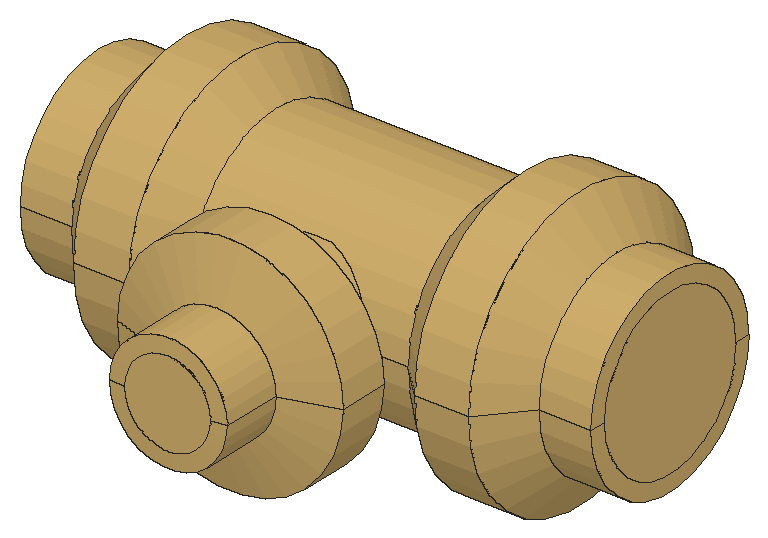
Revit family "Plumbing_Joints_Aignep_Female-Fitting-For-Our-Outlet-90236-80-110-168", category Pipe Fittings, Revit 2018
Family settings
  Round Connector Dimension = Use Diameter
  Part Type = Tee
  OmniClass Number = 23.27.43.00
  Work Plane-Based = No
  Always vertical = Yes
  Cut with Voids When Loaded = No
  Shared = No
Parameters (values of type "90236-80-110-168")
  R1 [instance] = Nominal Diameter 01 * 0.5  # 40.000 mm
  Product Material = AIGNEP - Brass - Yellow
  Product Guid = "93651291-55f2-46b7-8ae3-4bc741bdf95b"
  Material secondary = ""
  FD [instance] = Nominal Diameter 02 * 1.25  # 63.500 mm
  DFE [instance] = 0.6 * E  # 87.000 mm
  B/2 [instance] = B / 2  # 45.500 mm
  Tick Size 02 [instance] = Nominal Diameter 02 * 0.95  # 48.260 mm
  QR code = "https://www.bimobject.com/aignep/product/female-fitting-for-our-outlet-90236-80-110-168"
  Product url = "https://www.aignep.com/eng/Pipe-fittings-INFINITY/Air-Pipeline-INFINITY-Series/FEMALE-FITTING-FOR-OUTLET4"
  Product name = "Female Fitting For Outlet - 90236"
  Product group = "Fittings"
  Product family = "INFINITY"
  Product certification = "https://www.aignep.com/eng/Certificazioni/FREE-OF-SILICON"
  Product SKU = "Female-Fitting-For-Our-Outlet-90236-80-110-168"
  OmniClass Description = "Pipe Fittings"
  OmniClass Code = "23-27 43 00"
  Nominal Diameter 02 [instance] = 50.800 mm
  Nominal Diameter 01 [instance] = 80.000 mm
  Material main = "Aluminium"
  Manufacturer name = "Aignep Spa"
  Manufacturer country = "Italy"
  L2 [instance] = size_lookup(Lookup Table Name, "L2", 0.000 mm, Nominal Diameter 01, Nominal Diameter 02)  # 138.000 mm
  L1 [instance] = size_lookup(Lookup Table Name, "L1", 0.000 mm, Nominal Diameter 01, Nominal Diameter 02)  # 291.500 mm
  IFC Classification = "Pipe Fitting"
  Design country = "Italy"
  Description = "Female fitting for our outlet"  # constant formula
  CH1 [instance] = size_lookup(Lookup Table Name, "CH1", 0.000 mm, Nominal Diameter 01, Nominal Diameter 02)  # 80.000 mm
  CH [instance] = size_lookup(Lookup Table Name, "CH", 0.000 mm, Nominal Diameter 01, Nominal Diameter 02)  # 6.000 mm
  A [instance] = size_lookup(Lookup Table Name, "A", 0.000 mm, Nominal Diameter 01, Nominal Diameter 02)  # 22.000 mm
  URL = "https://www.aignep.com/"
  Tick Size 01 [instance] = Nominal Diameter 01 * 0.8  # 64.000 mm
  Product data url = "https://www.bimobject.com/aignep/product/female-fitting-for-our-outlet-90236-80-110-168"
  Model = "90236-80-110-168"  # constant formula
  Manufacturer = "Aignep Spa"  # constant formula
  Lookup Table Name = "Tee - 90236-Ø-80-110-168"  # constant formula
  Keynote = "15410"
  Edition number = 1
  C [instance] = size_lookup(Lookup Table Name, "C", 0.000 mm, Nominal Diameter 01, Nominal Diameter 02)  # 109.000 mm
  E [instance] = size_lookup(Lookup Table Name, "E", 0.000 mm, Nominal Diameter 01, Nominal Diameter 02)  # 145.000 mm
  BIMobject category = "Joints"
  B [instance] = size_lookup(Lookup Table Name, "B", 0.000 mm, Nominal Diameter 01, Nominal Diameter 02)  # 91.000 mm
  Assembly Code = "D2040100"
  Article Code [instance] = size_lookup(Lookup Table Name, "", "", Nominal Diameter 01, Nominal Diameter 02)  # "90236 00 012"
Reference planes
  plane 1 "Center (Front/Back)": y = 0
  plane 2: z = 0
  plane 3 "Center (Left/Right)": x = 0
  plane 4: x = -54.5
  plane 5: x = 54.5
  plane 6: y = -138
  plane 7: x = 145.5
  plane 8: x = -146
  plane 9: y = -116
  plane 10: y = 72.5
  plane 11: y = -72.5
  plane 12: x = -43.5
  plane 13: x = 43.5
  plane 14: z = -72.5
  plane 15: z = 72.5
  plane 16: x = -72.5
  plane 17: x = 72.5
Forms (mm)
  Sweep 1, solid, not visible, detail levels coarse
    path in 3D
      loop
        line (-54.5, 0, 0) -> (54.5, 0, 0)
    profile origin (0, 0, 0) x (0, 1, 0) y (0, 0, 1)
      loop
        circle (0, 0) r 40
  Sweep 2, solid, not visible, detail levels coarse
    path in 3D
      loop
        line (0, 0, 0) -> (0, -116, 0)
    profile origin (0, -58, 0) x (1, 0, 0) y (0, 0, 1)
      loop
        circle (0, 0) r 25.4
  Sweep 3, solid, material "AIGNEP - Brass - Yellow" <- "Product Material", detail levels fine
    path origin (-32.5, 55.314, 1200) x (0, 1, 0) y (0, 0, 1)
      loop
        circle (-55.314, -1200) r 40
    profile origin (-32.5, 0, 40) x (0, 0, -1) y (1, 0, 0)
      loop
        line (-32.5, -68) -> (-10, -86.953) -> (-10, -113.003) -> (-1.75, -113.5) -> (0, -113.5) -> (0, 72.55) -> (0, 178) -> (-1.75, 178) -> (-10, 177.645) -> (-10, 150.823) -> (-31.75, 132.5) -> (-31.75, 105) -> (-15, 88.25) -> (-15, -22.5) -> (-32.5, -40) -> (-32.5, -68)
  Sweep 4, solid, material "AIGNEP - Brass - Yellow" <- "Product Material", detail levels fine
    path origin (0, 0, 0) x (1, 0, 0) y (0, 1, 0)
      loop
        line (-146, 0) -> (145.5, 0)
    profile origin (-0.25, 0, 0) x (0, 1, 0) y (0, 0, 1)
      loop
        circle (0, 0) r 40
  Sweep 5, solid, material "AIGNEP - Brass - Yellow" <- "Product Material", detail levels fine
    path origin (0, 0, 0) x (1, 0, 0) y (0, 1, 0)
      loop
        line (0, 0) -> (0, -138)
    profile origin (0, -69, 0) x (1, 0, 0) y (0, 0, 1)
      loop
        circle (0, 0) r 20
  Sweep 6, solid, material "AIGNEP - Brass - Yellow" <- "Product Material", detail levels fine
    path origin (0, 0, 0) x (1, 0, 0) y (0, 0, 1)
      loop
        circle (0, 0) r 20
    profile origin (0, 0, 20) x (0, 0, -1) y (0, -1, 0)
      loop
        line (0, 0) -> (0, 138) -> (-1.75, 138) -> (-10, 137.503) -> (-10, 106.909) -> (-37.5, 98.002) -> (-37.5, 72.5) -> (-15, 63.492) -> (-15, 0) -> (0, 0)
Cuts and joins
  joined: Sweep 3, Sweep 4, Sweep 5, Sweep 6
Lines and regions (mm)
  model lines, detail levels coarse+medium
    curve 1: line (-54.5, 0, 0) -> (54.5, 0, 0)
    curve 2: line (0, 0, 0) -> (0, -116, 0)
    curve 3: line (-54.5, 32, 0) -> (-54.5, -32, 0)
    curve 4: line (54.5, 32, 0) -> (54.5, -32, 0)
    curve 5: line (-24.13, -116, 0) -> (24.13, -116, 0)
  sketch lines
    curve 6: line (-54.5, 0, 0) -> (54.5, 0, 0)
    curve 7: line (0, 0, 0) -> (0, -116, 0)
Dimensions and locks
  equal spacing: plane 4, plane 3 "Center (Left/Right)", plane 5
  "C": plane 4 to plane 5
  "B": plane 5 to plane 7
  "L1": plane 8 to plane 7
  "L2": plane 6 to plane 1 "Center (Front/Back)"
  equal spacing: plane 10, plane 1 "Center (Front/Back)", plane 11
  "E": plane 10 to plane 11
  equal spacing: plane 12, plane 3 "Center (Left/Right)", plane 13
  "DFE": plane 12 to plane 13
  equal spacing: curve 3, plane 1 "Center (Front/Back)", curve 3
  "Tick Size 01": curve 3 to curve 3
  equal spacing: curve 4, plane 1 "Center (Front/Back)", curve 4
  "Tick Size 01": curve 4 to curve 4
  equal spacing: curve 5, plane 3 "Center (Left/Right)", curve 5
  "Tick Size 02": curve 5 to curve 5
  equal spacing: plane 15, plane 2, plane 14
  "E": plane 15 to plane 14
  locked: Sweep 3 sketch curve to Sweep 3 sketch curve at 1.75
  locked: Sweep 3 sketch curve to profile plane at 1.75
  "A": plane 9 to plane 6
  equal spacing: plane 16, plane 3 "Center (Left/Right)", plane 17
  "E": plane 16 to plane 17
  "B/2": plane 7 to Sweep 3 sketch curve
  "B/2": Sweep 3 sketch curve to plane 8
  locked: cut or joined group of Sweep 3, Sweep 4, Sweep 5, Sweep 6 to Sweep 6 sketch curve at 15
  locked: Sweep 6 sketch curve to plane 11 at 0
  locked: Sweep 6 sketch curve to plane 9 at 9.091
  locked: Sweep 6 sketch curve to plane 9 at 17.998
  locked: Sweep 6 sketch curve to plane 11 at 9.008
  "Nominal Diameter 01": diameter of Sweep 1 sketch curve
  "Nominal Diameter 02": diameter of Sweep 2 sketch curve
  "Nominal Diameter 01": diameter of Sweep 3 sketch curve
  "Nominal Diameter 01": diameter of Sweep 4 sketch curve
  "R1": diameter of Sweep 5 sketch curve
  "R1": diameter of Sweep 6 sketch curve
  locked: Sweep 3 sketch curve to Sweep 3 sketch curve (angle 135.00°)  (x2)
  locked: Sweep 3 sketch curve to Sweep 3 sketch curve (angle 130.112°)
  angle Sweep 3 sketch curve to Sweep 3 sketch curve = 130.11°
  aligned and locked: level to plane 2
  aligned and locked: plane 1 "Center (Front/Back)" to curve 1
  aligned and locked: plane 4 to curve 1
  aligned and locked: curve 2 to plane 3 "Center (Left/Right)"
  aligned and locked: plane 1 "Center (Front/Back)" to curve 2
  aligned and locked: curve 3 to plane 4
  aligned and locked: plane 1 "Center (Front/Back)" to Sweep 1 sketch curve
  aligned and locked: plane 2 to Sweep 1 sketch curve
  aligned and locked: plane 3 "Center (Left/Right)" to Sweep 2 sketch curve
  aligned and locked: plane 2 to Sweep 2 sketch curve
  aligned and locked: plane 5 to curve 1
  aligned and locked: curve 4 to plane 5
  aligned and locked: plane 1 "Center (Front/Back)" to Sweep 3 sketch curve
  aligned and locked: plane 2 to Sweep 3 sketch curve
  aligned and locked: Sweep 3 sketch curve to profile plane
  aligned and locked: Sweep 3 sketch curve to plane 8
  aligned and locked: Sweep 3 sketch curve to plane 7
  aligned and locked: plane 8 to Sweep 4 sketch curve
  aligned and locked: plane 7 to Sweep 4 sketch curve
  aligned and locked: plane 1 "Center (Front/Back)" to Sweep 4 sketch curve
  aligned and locked: level to Sweep 4 sketch curve
  aligned and locked: plane 1 "Center (Front/Back)" to Sweep 5 sketch curve
  aligned and locked: Sweep 5 sketch curve to plane 3 "Center (Left/Right)"
  aligned and locked: plane 3 "Center (Left/Right)" to Sweep 5 sketch curve
  aligned and locked: plane 2 to Sweep 5 sketch curve
  aligned and locked: plane 6 to Sweep 5 sketch curve
  aligned and locked: plane 17 to Sweep 3 sketch curve
  aligned and locked: Sweep 3 sketch curve to plane 15
  aligned and locked: plane 16 to Sweep 3 sketch curve
  aligned and locked: plane 3 "Center (Left/Right)" to Sweep 6 sketch curve
  aligned and locked: level to Sweep 6 sketch curve
  aligned and locked: Sweep 6 sketch curve to profile plane
  aligned and locked: plane 1 "Center (Front/Back)" to Sweep 6 sketch curve
  aligned and locked: plane 6 to Sweep 6 sketch curve
  aligned and locked: curve 5 to plane 9
Automatic sketch dimensions
  Sweep 6 sketch curve to Sweep 6 sketch curve = 15.000 mm
  profile plane to Sweep 6 sketch curve = 10.000 mm
  Sweep 6 sketch curve to Sweep 6 sketch curve = 1.750 mm
  Sweep 6 sketch curve to Sweep 6 sketch curve = 0.497 mm
  Sweep 3 sketch curve to plane 15 = 0.750 mm
  profile plane to Sweep 3 sketch curve = 15.000 mm
  Sweep 3 sketch curve to Sweep 3 sketch curve = 8.250 mm
  profile plane to Sweep 3 sketch curve = 10.000 mm
  Sweep 3 sketch curve to Sweep 3 sketch curve = 0.497 mm
  Sweep 3 sketch curve to Sweep 3 sketch curve = 15.700 mm
  Sweep 3 sketch curve to Sweep 3 sketch curve = 0.355 mm
  Sweep 4 sketch curve to profile plane = 0.000 mm
Connectors
  piping at (-54.5, 0, 0), diameter 80, driven by "Nominal Diameter 01"
    settings: on Sweep 1, index 1, connector inside diameter 609.600 mm, connector length 0.000 mm, flow factor 0, pipe flow 0.0 L/s, pressure drop 0.0 Pa, fitting loss kfactor 0, connector angle 0.00°, fixture units 0, engagement length 0.000 mm, angle of deflection 0.00°, flow configuration 0, flow direction 0, fitting loss method 0, system type 28, joint type 0, gender type 0, connector reference index -1, connector utility 0, adjustable connector no, is connector primary yes, connector description ""
  piping at (54.5, 0, 0), diameter 80, driven by "Nominal Diameter 01"
    settings: on Sweep 1, index 2, connector inside diameter 609.600 mm, connector length 0.000 mm, flow factor 0, pipe flow 0.0 L/s, pressure drop 0.0 Pa, fitting loss kfactor 0, connector angle 0.00°, fixture units 0, engagement length 0.000 mm, angle of deflection 0.00°, flow configuration 0, flow direction 0, fitting loss method 0, system type 28, joint type 0, gender type 0, connector reference index -1, connector utility 0, adjustable connector no, is connector primary no, connector description ""
  piping at (0, -116, 0), diameter 50.8, driven by "Nominal Diameter 02"
    settings: on Sweep 2, index 3, connector inside diameter 609.600 mm, connector length 0.000 mm, flow factor 0, pipe flow 0.0 L/s, pressure drop 0.0 Pa, fitting loss kfactor 0, connector angle 0.00°, fixture units 0, engagement length 0.000 mm, angle of deflection 0.00°, flow configuration 0, flow direction 0, fitting loss method 0, system type 28, joint type 0, gender type 0, connector reference index -1, connector utility 0, adjustable connector no, is connector primary no, connector description ""
